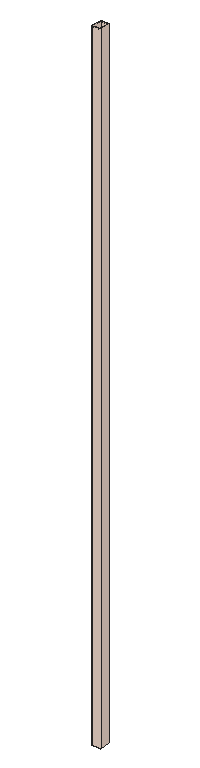
Revit family "sq4050", category 機械設備, Revit 2022
Family settings
  丸型コネクタ寸法 = 直径を使用
  種別 = なし
  パーツ タイプ = 標準
  作業面ベース = いいえ
  常に垂直 = はい
  ロード時にボイドで切り取り = いいえ
  注釈の向きを維持 = いいえ
  共有 = いいえ
  部屋計算ポイント = いいえ
Parameters
  製造元 = "株式会社桐井製作所"
  既定の高さ = 0 mm
  URL = "https://www.kirii.co.jp/"
  K_長さ(mm) [instance] = 3000 mm
  K_材質 = "SGCC　一般用"
  K_断面積A(mm2) = 85.4
  K_断面係数Zy(mm3) = 1109
  K_断面係数Zx(mm3) = 1193
  K_断面2次半径iy(mm) = 16.7
  K_断面2次半径ix(mm) = 18.7
  K_断面2次モーメントIy(mm4) = 23830
  K_断面2次モーメントIx(mm4) = 29840
  K_外形寸法(mm) = "□40×50"
  K_品名 = "SQ-BAR4050"
  K_名称 = "角型スタッド"
  K_単位質量(kg/m) = 0.694
  K_ヤング係数E(N/mm2) = 205000
  K_バージョン情報 = "20210524"
  K_めっき付着量 = "Z08"
  K_JIS規格 = "JIS G 3302"
Reference planes
  plane 1 "中心(正面/背面)": y = 0
  plane 2: z = 0
  plane 3 "中心(左/右)": x = 0
  plane 4: x = 20
  plane 5: x = -20
  plane 6: y = 25
  plane 7: z = 3000
  plane 8: y = -25
Forms (mm)
  Extrusion 1, solid
    sketch origin (0.5, -20, 0) x (1, 0, 0) y (0, 1, 0)
      loop
        line (-20.5, 45) -> (-20.5, -5) -> (19.5, -5) -> (19.5, 45) -> (-20.5, 45)
      loop
        line (-20, 44.5) -> (-20, -4.5) -> (19, -4.5) -> (19, 44.5) -> (-20, 44.5)
    from 0 to 3000
Dimensions and locks
  locked: Extrusion 1 sketch curve to Extrusion 1 sketch curve at 0.5  (x4)
  "K_長さ(mm)": plane 7 to level
  aligned and locked: level to plane 2
  aligned and locked: Extrusion 1 sketch curve to plane 6
  aligned and locked: plane 7 to Extrusion 1
  aligned and locked: plane 6 to Extrusion 1
  aligned and locked: Extrusion 1 to plane 8
  aligned and locked: Extrusion 1 to plane 5
  aligned and locked: plane 4 to Extrusion 1
Automatic sketch dimensions
  Extrusion 1 sketch curve to plane 4 = 0.5 mm
  plane 5 to Extrusion 1 sketch curve = 0.5 mm
  plane 1 "中心(正面/背面)" to Extrusion 1 sketch curve = 24.5 mm
